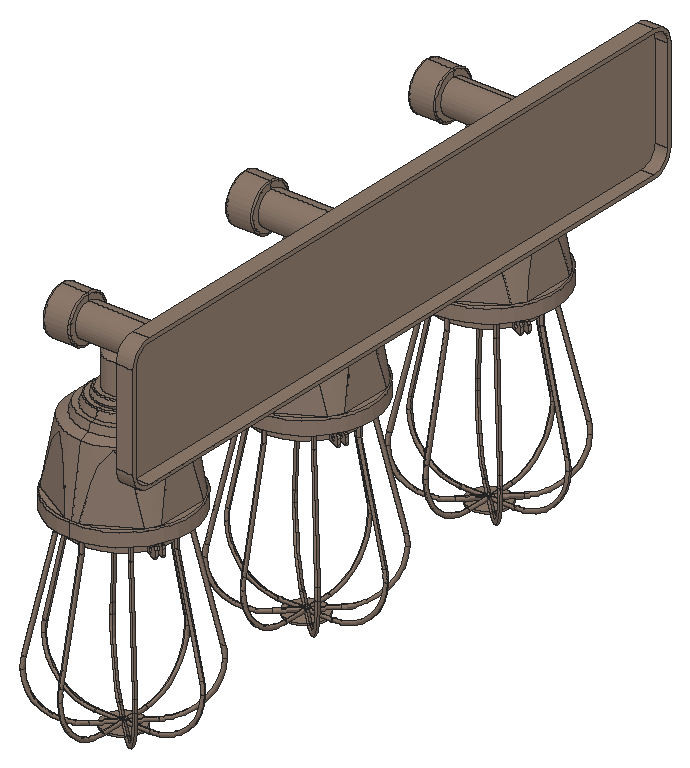
Revit family "VBUEGUP120-3", category Generic Models, Revit 2014 (continued)
Forms (in)
  Revolve 132, solid, material "Bronze, Architectural" <- "GUP"
    angle from 0 to 360
  Sweep 133, solid, material "Bronze, Architectural" <- "GUP"
    path in 3D
      loop
        arc (0.71579, -9.21589, 9.1701) -> (1.69079, -10.19089, 9.74124) -> (2.09465, -10.59475, 11.1201) r 1.95
        arc (2.09465, -10.59475, 11.1201) -> (2.08579, -10.58589, 11.34084) -> (2.05931, -10.55941, 11.55875) r 1.95
    profile origin (1.69079, -10.19089, 9.74124) x (-0.5, 0.5, 0.707107) y (-0.707107, -0.707107, 0)
      loop
        circle (0, 0) r 0.0625
  Revolve 134, solid, material "Bronze, Architectural" <- "GUP"
    sketch origin (-0.0001, -8.5, 9.0476) x (0.707107, -0.707107, 0) y (0, 0, 1)
      loop
        arc (0.13242, 0.185) -> (0.09204, 0.16587) -> (0.08128, 0.1225) r 0.05218
        line (0.08128, 0.1225) -> (1.01242, 0.1225) -> (1.01242, 0.185) -> (0.13242, 0.185)
      axis (1.01242, 0.1225) -> (0.08128, 0.1225)
    angle from 0 to 360
  Revolve 135, solid, material "Bronze, Architectural" <- "GUP"
    sketch origin (-0.0001, -8.5, 9.0476) x (-0.707107, 0.707107, 0) y (0, 0, 1)
      loop
        line (1.9725, 7.3125) -> (1.91, 7.3125) -> (1.91, 6.57538) -> (1.9725, 6.57538) -> (1.9725, 7.3125)
      axis (1.9725, 7.3125) -> (1.9725, 6.57538)
    angle from 0 to 360
  Revolve 136, solid, material "Bronze, Architectural" <- "GUP"
    sketch origin (-0.0001, -8.5, 9.0476) x (-0.707107, 0.707107, 0) y (0, 0, 1)
      loop
        line (2.85155, 2.4971) -> (2.91244, 2.51115) -> (1.9725, 6.5825) -> (1.91, 6.57538) -> (2.85155, 2.4971)
      axis (1.9709, 6.58944) -> (2.91244, 2.51115)
    angle from 0 to 360
  Sweep 137, solid, material "Bronze, Architectural" <- "GUP"
    path in 3D
      loop
        arc (-0.71599, -7.78411, 9.1701) -> (-1.69099, -6.80911, 9.74124) -> (-2.09485, -6.40525, 11.1201) r 1.95
        arc (-2.09485, -6.40525, 11.1201) -> (-2.08599, -6.41411, 11.34084) -> (-2.05951, -6.44059, 11.55875) r 1.95
    profile origin (-1.69099, -6.80911, 9.74124) x (-0.5, 0.5, -0.707107) y (-0.707107, -0.707107, 0)
      loop
        circle (0, 0) r 0.0625
  Revolve 138, solid, material "Bronze, Architectural" <- "GUP"
    sketch origin (-0.0001, -8.5, 9.0476) x (-0.707107, 0.707107, 0) y (0, 0, 1)
      loop
        arc (0.13242, 0.185) -> (0.09204, 0.16587) -> (0.08128, 0.1225) r 0.05218
        line (0.08128, 0.1225) -> (1.01242, 0.1225) -> (1.01242, 0.185) -> (0.13242, 0.185)
      axis (1.01242, 0.1225) -> (0.08128, 0.1225)
    angle from 0 to 360
  Revolve 139, solid, material "Bronze, Architectural" <- "GUP"
    sketch origin (-0.0001, -8.5, 9.0476) x (-1, 0, 0) y (0, 0, 1)
      loop
        line (1.91, 7.1825) -> (1.8475, 7.1825) -> (1.8475, 6.7925) -> (1.91, 6.7925) -> (1.91, 7.1825)
      axis (0, 7.1825) -> (0, 6.7925)
    angle from 0 to 360
  Extrusion 140, solid, material "Bronze, Architectural" <- "GUP"
    sketch origin (-0.0001, -8.5, 9.0476) x (-0.898794, 0.438371, 0) y (0, 0, 1)
      loop
        line (-1.89181, 7.1825) -> (-2.40685, 7.1825)
        arc (-2.40685, 7.1825) -> (-2.46603, 7.15377) -> (-2.49, 7.0925) r 0.09028
        line (-2.49, 7.0925) -> (-2.49, 6.8825)
        arc (-2.49, 6.8825) -> (-2.46603, 6.82123) -> (-2.40685, 6.7925) r 0.09028
        line (-2.40685, 6.7925) -> (-1.89181, 6.7925) -> (-1.89181, 7.1825)
      loop
        circle (-2.18511, 6.9875) r 0.09402
    from -0.15572 to -0.09322
  Extrusion 141, solid, material "Bronze, Architectural" <- "GUP"
    sketch origin (-0.0001, -8.5, 9.0476) x (-0.898794, 0.438371, 0) y (0, 0, -1)
      loop
        line (-1.89181, -7.1825) -> (-1.89181, -6.7925) -> (-2.40685, -6.7925)
        arc (-2.40685, -6.7925) -> (-2.46603, -6.82123) -> (-2.49, -6.8825) r 0.09028
        line (-2.49, -6.8825) -> (-2.49, -7.0925)
        arc (-2.49, -7.0925) -> (-2.46603, -7.15377) -> (-2.40685, -7.1825) r 0.09028
        line (-2.40685, -7.1825) -> (-1.89181, -7.1825)
      loop
        circle (-2.18511, -6.9875) r 0.09402
    from -0.15572 to -0.09322
  Extrusion 142, void
    sketch origin (2.51563, -18.54688, 19.61016) x (0, -1, 0) y (0, 0, 1)
      loop
        circle (-1.04687, 2.5) r 0.525
    from -0.29688 to -0.17188
Cuts and joins
  Extrusion 3 cuts Revolve 1
  Extrusion 3, Extrusion 98, Extrusion 142 cuts Extrusion 5
  Extrusion 6 cuts Extrusion 4
  Extrusion 9, Extrusion 11, Extrusion 12, Extrusion 13, Extrusion 14 cuts Revolve 8
  Extrusion 54, Extrusion 55, Extrusion 56, Extrusion 57, Extrusion 58, Extrusion 59 cuts Revolve 53
  Extrusion 98 cuts Revolve 96
  Extrusion 100, Extrusion 101, Extrusion 102, Extrusion 103, Extrusion 104, Extrusion 105 cuts Revolve 99
  Extrusion 142 cuts Revolve 51
  Extrusion 10 cuts Extrusion 49
Lines and regions (in)
  model lines
    curve 1: line (2.0349, 0, 15.63722) -> (1.9099, 0, 15.62298)
    curve 2: line (2.97324, 0, 11.57281) -> (2.85145, 0, 11.54469)
    curve 3: arc (2.89982, 0, 11.1201) -> (2.88769, 0, 11.33377) -> (2.85145, 0, 11.54469) r 1.8875
    curve 4: arc (1.24503, 0, 9.247) -> (2.42687, 0, 9.87041) -> (2.89982, 0, 11.1201) r 1.8875
    curve 5: arc (1.26045, 0, 9.12295) -> (2.52055, 0, 9.78765) -> (3.02482, 0, 11.1201) r 2.0125
    curve 22: line (2.0349, -17, 15.63722) -> (1.9099, -17, 15.62298)
    curve 23: line (2.97324, -17, 11.57281) -> (2.85145, -17, 11.54469)
    curve 24: arc (2.89982, -17, 11.1201) -> (2.88769, -17, 11.33377) -> (2.85145, -17, 11.54469) r 1.8875
    curve 25: arc (1.24503, -17, 9.247) -> (2.42687, -17, 9.87041) -> (2.89982, -17, 11.1201) r 1.8875
    curve 26: arc (1.26045, -17, 9.12295) -> (2.52055, -17, 9.78765) -> (3.02482, -17, 11.1201) r 2.0125
    curve 43: line (2.0349, -8.5, 15.63722) -> (1.9099, -8.5, 15.62298)
    curve 44: line (2.97324, -8.5, 11.57281) -> (2.85145, -8.5, 11.54469)
    curve 45: arc (2.89982, -8.5, 11.1201) -> (2.88769, -8.5, 11.33377) -> (2.85145, -8.5, 11.54469) r 1.8875
    curve 46: arc (1.24503, -8.5, 9.247) -> (2.42687, -8.5, 9.87041) -> (2.89982, -8.5, 11.1201) r 1.8875
    curve 47: arc (1.26045, -8.5, 9.12295) -> (2.52055, -8.5, 9.78765) -> (3.02482, -8.5, 11.1201) r 2.0125
  sketch lines
    curve 6: arc (-1.01252, 0, 9.1701) -> (-2.39138, 0, 9.74124) -> (-2.96252, 0, 11.1201) r 1.95
    curve 7: arc (-2.96252, 0, 11.1201) -> (-2.94999, 0, 11.34084) -> (-2.91254, 0, 11.55875) r 1.95
    curve 8: arc (1.01232, 0, 9.1701) -> (2.39118, 0, 9.74124) -> (2.96232, 0, 11.1201) r 1.95
    curve 9: arc (2.96232, 0, 11.1201) -> (2.94979, 0, 11.34084) -> (2.91234, 0, 11.55875) r 1.95
    curve 10: arc (-0.71599, -0.71589, 9.1701) -> (-1.69099, -1.69089, 9.74124) -> (-2.09485, -2.09475, 11.1201) r 1.95
    curve 11: arc (-2.09485, -2.09475, 11.1201) -> (-2.08599, -2.08589, 11.34084) -> (-2.05951, -2.05941, 11.55875) r 1.95
    curve 12: arc (0.71579, 0.71589, 9.1701) -> (1.69079, 1.69089, 9.74124) -> (2.09465, 2.09475, 11.1201) r 1.95
    curve 13: arc (2.09465, 2.09475, 11.1201) -> (2.08579, 2.08589, 11.34084) -> (2.05931, 2.05941, 11.55875) r 1.95
    curve 14: arc (-0.0001, -1.01242, 9.1701) -> (-0.0001, -2.39128, 9.74124) -> (-0.0001, -2.96242, 11.1201) r 1.95
    curve 15: arc (-0.0001, -2.96242, 11.1201) -> (-0.0001, -2.94989, 11.34084) -> (-0.0001, -2.91244, 11.55875) r 1.95
    curve 16: arc (-0.0001, 1.01242, 9.1701) -> (-0.0001, 2.39128, 9.74124) -> (-0.0001, 2.96242, 11.1201) r 1.95
    curve 17: arc (-0.0001, 2.96242, 11.1201) -> (-0.0001, 2.94989, 11.34084) -> (-0.0001, 2.91244, 11.55875) r 1.95
    curve 18: arc (0.71579, -0.71589, 9.1701) -> (1.69079, -1.69089, 9.74124) -> (2.09465, -2.09475, 11.1201) r 1.95
    curve 19: arc (2.09465, -2.09475, 11.1201) -> (2.08579, -2.08589, 11.34084) -> (2.05931, -2.05941, 11.55875) r 1.95
    curve 20: arc (-0.71599, 0.71589, 9.1701) -> (-1.69099, 1.69089, 9.74124) -> (-2.09485, 2.09475, 11.1201) r 1.95
    curve 21: arc (-2.09485, 2.09475, 11.1201) -> (-2.08599, 2.08589, 11.34084) -> (-2.05951, 2.05941, 11.55875) r 1.95
    curve 27: arc (-1.01252, -17, 9.1701) -> (-2.39138, -17, 9.74124) -> (-2.96252, -17, 11.1201) r 1.95
    curve 28: arc (-2.96252, -17, 11.1201) -> (-2.94999, -17, 11.34084) -> (-2.91254, -17, 11.55875) r 1.95
    curve 29: arc (1.01232, -17, 9.1701) -> (2.39118, -17, 9.74124) -> (2.96232, -17, 11.1201) r 1.95
    curve 30: arc (2.96232, -17, 11.1201) -> (2.94979, -17, 11.34084) -> (2.91234, -17, 11.55875) r 1.95
    curve 31: arc (-0.71599, -17.71589, 9.1701) -> (-1.69099, -18.69089, 9.74124) -> (-2.09485, -19.09475, 11.1201) r 1.95
    curve 32: arc (-2.09485, -19.09475, 11.1201) -> (-2.08599, -19.08589, 11.34084) -> (-2.05951, -19.05941, 11.55875) r 1.95
    curve 33: arc (0.71579, -16.28411, 9.1701) -> (1.69079, -15.30911, 9.74124) -> (2.09465, -14.90525, 11.1201) r 1.95
    curve 34: arc (2.09465, -14.90525, 11.1201) -> (2.08579, -14.91411, 11.34084) -> (2.05931, -14.94059, 11.55875) r 1.95
    curve 35: arc (-0.0001, -18.01242, 9.1701) -> (-0.0001, -19.39128, 9.74124) -> (-0.0001, -19.96242, 11.1201) r 1.95
    curve 36: arc (-0.0001, -19.96242, 11.1201) -> (-0.0001, -19.94989, 11.34084) -> (-0.0001, -19.91244, 11.55875) r 1.95
    curve 37: arc (-0.0001, -15.98758, 9.1701) -> (-0.0001, -14.60872, 9.74124) -> (-0.0001, -14.03758, 11.1201) r 1.95
    curve 38: arc (-0.0001, -14.03758, 11.1201) -> (-0.0001, -14.05011, 11.34084) -> (-0.0001, -14.08756, 11.55875) r 1.95
    curve 39: arc (0.71579, -17.71589, 9.1701) -> (1.69079, -18.69089, 9.74124) -> (2.09465, -19.09475, 11.1201) r 1.95
    curve 40: arc (2.09465, -19.09475, 11.1201) -> (2.08579, -19.08589, 11.34084) -> (2.05931, -19.05941, 11.55875) r 1.95
    curve 41: arc (-0.71599, -16.28411, 9.1701) -> (-1.69099, -15.30911, 9.74124) -> (-2.09485, -14.90525, 11.1201) r 1.95
    curve 42: arc (-2.09485, -14.90525, 11.1201) -> (-2.08599, -14.91411, 11.34084) -> (-2.05951, -14.94059, 11.55875) r 1.95
    curve 48: arc (-1.01252, -8.5, 9.1701) -> (-2.39138, -8.5, 9.74124) -> (-2.96252, -8.5, 11.1201) r 1.95
    curve 49: arc (-2.96252, -8.5, 11.1201) -> (-2.94999, -8.5, 11.34084) -> (-2.91254, -8.5, 11.55875) r 1.95
    curve 50: arc (1.01232, -8.5, 9.1701) -> (2.39118, -8.5, 9.74124) -> (2.96232, -8.5, 11.1201) r 1.95
    curve 51: arc (2.96232, -8.5, 11.1201) -> (2.94979, -8.5, 11.34084) -> (2.91234, -8.5, 11.55875) r 1.95
    curve 52: arc (-0.71599, -9.21589, 9.1701) -> (-1.69099, -10.19089, 9.74124) -> (-2.09485, -10.59475, 11.1201) r 1.95
    curve 53: arc (-2.09485, -10.59475, 11.1201) -> (-2.08599, -10.58589, 11.34084) -> (-2.05951, -10.55941, 11.55875) r 1.95
    curve 54: arc (0.71579, -7.78411, 9.1701) -> (1.69079, -6.80911, 9.74124) -> (2.09465, -6.40525, 11.1201) r 1.95
    curve 55: arc (2.09465, -6.40525, 11.1201) -> (2.08579, -6.41411, 11.34084) -> (2.05931, -6.44059, 11.55875) r 1.95
    curve 56: arc (-0.0001, -9.51242, 9.1701) -> (-0.0001, -10.89128, 9.74124) -> (-0.0001, -11.46242, 11.1201) r 1.95
    curve 57: arc (-0.0001, -11.46242, 11.1201) -> (-0.0001, -11.44989, 11.34084) -> (-0.0001, -11.41244, 11.55875) r 1.95
    curve 58: arc (-0.0001, -7.48758, 9.1701) -> (-0.0001, -6.10872, 9.74124) -> (-0.0001, -5.53758, 11.1201) r 1.95
    curve 59: arc (-0.0001, -5.53758, 11.1201) -> (-0.0001, -5.55011, 11.34084) -> (-0.0001, -5.58756, 11.55875) r 1.95
    curve 60: arc (0.71579, -9.21589, 9.1701) -> (1.69079, -10.19089, 9.74124) -> (2.09465, -10.59475, 11.1201) r 1.95
    curve 61: arc (2.09465, -10.59475, 11.1201) -> (2.08579, -10.58589, 11.34084) -> (2.05931, -10.55941, 11.55875) r 1.95
    curve 62: arc (-0.71599, -7.78411, 9.1701) -> (-1.69099, -6.80911, 9.74124) -> (-2.09485, -6.40525, 11.1201) r 1.95
    curve 63: arc (-2.09485, -6.40525, 11.1201) -> (-2.08599, -6.41411, 11.34084) -> (-2.05951, -6.44059, 11.55875) r 1.95
Dimensions and locks (in)
  aligned and locked: plane 2 to level
